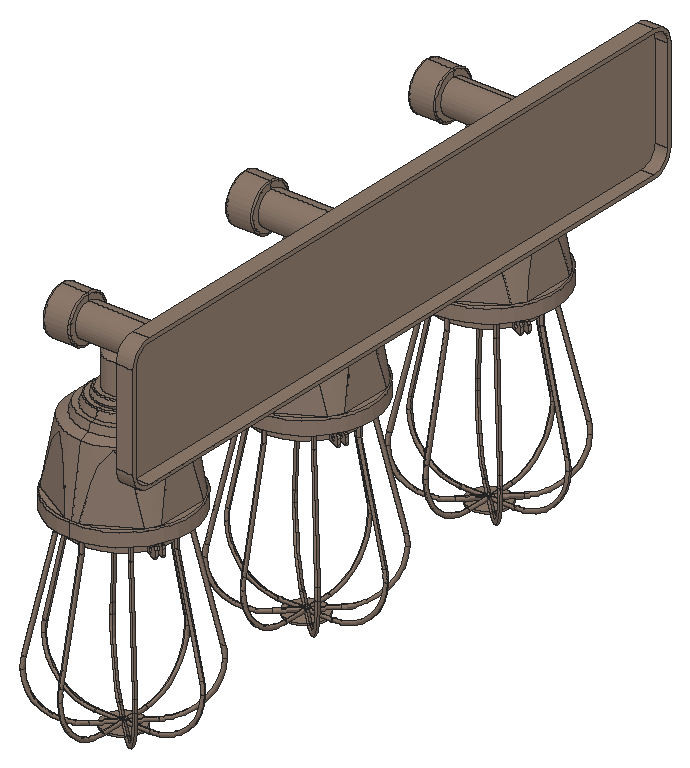
Revit family "VBUEGUP120-3", category Generic Models, Revit 2014
Parameters
  HUB = Bronze, Architectural
  GUP = Bronze, Architectural
  BAR = Bronze, Architectural
Reference planes (in)
  plane 1 "Center (Front/Back)": y = 0
  plane 2: z = 0
  plane 3 "Center (Left/Right)": x = 0
Forms (in)
  Revolve 1, solid, material "Bronze, Architectural" <- "BAR"
    sketch origin (3.5625, 0, 19.61016) x (1, 0, 0) y (0, 0, 1)
      loop
        line (-5.875, 2.5) -> (-5.5, 2.5) -> (-5.5, 2.8125) -> (-2.125, 2.8125) -> (-2.125, 2.75) -> (-0.75, 2.75) -> (-0.75, 3.025) -> (-1.5, 3.025) -> (-1.5, 3.2)
        arc (-1.5, 3.2) -> (-1.51464, 3.23536) -> (-1.55, 3.25) r 0.05
        line (-1.55, 3.25) -> (-2.075, 3.25)
        arc (-2.075, 3.25) -> (-2.11036, 3.23536) -> (-2.125, 3.2) r 0.05
        line (-2.125, 3.2) -> (-2.125, 3.125) -> (-4.875, 3.125) -> (-4.875, 3.325)
        arc (-4.875, 3.325) -> (-4.88964, 3.36036) -> (-4.925, 3.375) r 0.05
        line (-4.925, 3.375) -> (-5.825, 3.375)
        arc (-5.825, 3.375) -> (-5.86036, 3.36036) -> (-5.875, 3.325) r 0.05
        line (-5.875, 3.325) -> (-5.875, 2.5)
      axis (-5.875, 2.5) -> (-0.75, 2.5)
    angle from 0 to 360
  Revolve 2, solid, material "Bronze, Architectural" <- "BAR"
    sketch origin (3.5625, 0, 19.61016) x (1, 0, 0) y (0, 0, 1)
      loop
        line (-3.96581, 2.1875) -> (-4.2375, 1.875) -> (-4.2375, 0.75) -> (-4.43702, 0.75)
        arc (-4.43702, 0.75) -> (-4.45851, 0.74374) -> (-4.47327, 0.7269) r 0.04
        line (-4.47327, 0.7269) -> (-4.55254, 0.5569)
        arc (-4.55254, 0.5569) -> (-4.55003, 0.51851) -> (-4.51629, 0.5) r 0.04
        line (-4.51629, 0.5) -> (-4.1125, 0.5) -> (-4.1125, 1.25) -> (-3.7965, 1.25) -> (-3.7965, 2.1875) -> (-3.96581, 2.1875)
      axis (-3.5625, 0.5) -> (-3.5625, 2.1875)
    angle from 0 to 360
  Extrusion 3, void
    sketch origin (2.51563, -1.04688, 19.61016) x (0, -1, 0) y (0, 0, 1)
      loop
        circle (-1.04687, 2.5) r 0.525
    from -0.29688 to -0.17188
  Extrusion 4, solid, material "Bronze, Architectural" <- "BAR"
    sketch origin (4.51113, -18.42593, 19.61016) x (0, 1, 0) y (0, 0, 1)
      loop
        line (21.67593, 5) -> (-1.82407, 5)
        arc (-1.82407, 5) -> (-2.3544, 4.78033) -> (-2.57407, 4.25) r 0.75
        line (-2.57407, 4.25) -> (-2.57407, 0.75)
        arc (-2.57407, 0.75) -> (-2.3544, 0.21967) -> (-1.82407, 0) r 0.75
        line (-1.82407, 0) -> (21.67593, 0)
        arc (21.67593, 0) -> (22.20626, 0.21967) -> (22.42593, 0.75) r 0.75
        line (22.42593, 0.75) -> (22.42593, 4.25)
        arc (22.42593, 4.25) -> (22.20626, 4.78033) -> (21.67593, 5) r 0.75
    from -1.57363 to -0.94863
  Extrusion 5, solid, material "Bronze, Architectural" <- "BAR"
    sketch origin (4.51113, -18.42593, 19.61016) x (0, 1, 0) y (0, 0, 1)
      loop
        line (21.67593, 4.625) -> (-1.82407, 4.625)
        arc (-1.82407, 4.625) -> (-2.08923, 4.51517) -> (-2.19907, 4.25) r 0.375
        line (-2.19907, 4.25) -> (-2.19907, 0.75)
        arc (-2.19907, 0.75) -> (-2.08923, 0.48483) -> (-1.82407, 0.375) r 0.375
        line (-1.82407, 0.375) -> (21.67593, 0.375)
        arc (21.67593, 0.375) -> (21.9411, 0.48483) -> (22.05093, 0.75) r 0.375
        line (22.05093, 0.75) -> (22.05093, 4.25)
        arc (22.05093, 4.25) -> (21.9411, 4.51517) -> (21.67593, 4.625) r 0.375
    from -1.82363 to -1.57363
  Extrusion 6, void
    sketch origin (5.18061, -18.42593, 19.61016) x (0, 1, 0) y (0, 0, 1)
      loop
        line (21.67593, 4.875) -> (-1.82407, 4.875)
        arc (-1.82407, 4.875) -> (-2.26601, 4.69194) -> (-2.44907, 4.25) r 0.625
        line (-2.44907, 4.25) -> (-2.44907, 0.75)
        arc (-2.44907, 0.75) -> (-2.26601, 0.30806) -> (-1.82407, 0.125) r 0.625
        line (-1.82407, 0.125) -> (21.67593, 0.125)
        arc (21.67593, 0.125) -> (22.11787, 0.30806) -> (22.30093, 0.75) r 0.625
        line (22.30093, 0.75) -> (22.30093, 4.25)
        arc (22.30093, 4.25) -> (22.11787, 4.69194) -> (21.67593, 4.875) r 0.625
    from -2.11811 to -1.61811
  Extrusion 7, void
    sketch origin (5.18061, -18.42593, 19.61016) x (0, 1, 0) y (0, 0, 1)
      loop
        line (21.67593, 4.5) -> (-1.82407, 4.5)
        arc (-1.82407, 4.5) -> (-2.00085, 4.42678) -> (-2.07407, 4.25) r 0.25
        line (-2.07407, 4.25) -> (-2.07407, 0.75)
        arc (-2.07407, 0.75) -> (-2.00085, 0.57322) -> (-1.82407, 0.5) r 0.25
        line (-1.82407, 0.5) -> (21.67593, 0.5)
        arc (21.67593, 0.5) -> (21.85271, 0.57322) -> (21.92593, 0.75) r 0.25
        line (21.92593, 0.75) -> (21.92593, 4.25)
        arc (21.92593, 4.25) -> (21.85271, 4.42678) -> (21.67593, 4.5) r 0.25
    from -2.36811 to -2.11811
  Revolve 8, solid, material "Bronze, Architectural" <- "HUB"
    sketch origin (-0.0001, 11.70542, 9.46606) x (0, 1, 0) y (0, 0, 1)
      loop
        arc (-12.87041, 10.64404) -> (-12.89909, 10.63499) -> (-12.9174, 10.61114) r 0.05
        line (-12.9174, 10.61114) -> (-13.01461, 10.34404) -> (-13.21461, 10.34404) -> (-13.31652, 10.06404) -> (-13.6924, 9.92723) -> (-14.13025, 7.44404) -> (-14.16127, 7.44404)
        arc (-14.16127, 7.44404) -> (-14.1928, 7.42739) -> (-14.20542, 7.39404) r 0.05039
        line (-14.20542, 7.39404) -> (-14.20542, 6.89404) -> (-11.95542, 6.89404) -> (-11.95542, 10.64404) -> (-12.87041, 10.64404)
      axis (-11.70542, 10.64404) -> (-11.70542, 6.89404)
    angle from 0 to 360
  Extrusion 9, void
    sketch origin (11.70532, 0, 9.46606) x (1, 0, 0) y (0, 0, 1)
      loop
        line (-9.24957, 7.44404) -> (-9.24957, 10.19404) -> (-9.7364, 10.19404) -> (-9.4864, 7.44404) -> (-9.24957, 7.44404)
    from -1.03027 to 1.03705
  Extrusion 10, void
    sketch origin (-11.70552, 0.0024, 9.46606) x (-1, 0.000784, 0) y (0, 0, 1)
      loop
        line (-9.24957, 7.44404) -> (-9.24957, 10.19404) -> (-9.7364, 10.19404) -> (-9.4864, 7.44404) -> (-9.24957, 7.44404)
    from -1.03027 to 1.03705
  Extrusion 11, void
    sketch origin (5.85358, 10.13421, 9.46606) x (0.500262, 0.865874, 0) y (0, 0, 1)
      loop
        line (-9.24957, 7.44404) -> (-9.24957, 10.19404) -> (-9.7364, 10.19404) -> (-9.4864, 7.44404) -> (-9.24957, 7.44404)
    from -1.03027 to 1.03705
  Extrusion 12, void
    sketch origin (-5.86006, -10.13543, 9.46606) x (-0.500941, -0.865481, 0) y (0, 0, 1)
      loop
        line (-9.24957, 7.44404) -> (-9.24957, 10.19404) -> (-9.7364, 10.19404) -> (-9.4864, 7.44404) -> (-9.24957, 7.44404)
    from -1.03027 to 1.03705
  Extrusion 13, void
    sketch origin (-5.84999, 10.13882, 9.46606) x (-0.49958, 0.866268, 0) y (0, 0, 1)
      loop
        line (-9.24957, 7.44404) -> (-9.24957, 10.19404) -> (-9.7364, 10.19404) -> (-9.4864, 7.44404) -> (-9.24957, 7.44404)
    from -1.03027 to 1.03705
  Extrusion 14, void
    sketch origin (5.84351, -10.14244, 9.46606) x (0.4989, -0.866659, 0) y (0, 0, 1)
      loop
        line (-9.24957, 7.44404) -> (-9.24957, 10.19404) -> (-9.7364, 10.19404) -> (-9.4864, 7.44404) -> (-9.24957, 7.44404)
    from -1.03027 to 1.03705
  Revolve 15, solid, material "Bronze, Architectural" <- "GUP"
    sketch origin (-0.0001, 0, 9.0476) x (-1, 0, 0) y (0, 0, 1)
      loop
        line (0, 0) -> (0, 0.06) -> (-0.75, 0.06) -> (-0.75, 0) -> (0, 0)
      axis (0, 0.06) -> (0, 0)
    angle from 0 to 360
  Revolve 16, solid, material "Bronze, Architectural" <- "GUP"
    sketch origin (-0.0001, 0, 9.0476) x (-1, 0, 0) y (0, 0, 1)
      loop
        line (1.9725, 7.3125) -> (1.91, 7.3125) -> (1.91, 6.57538) -> (1.9725, 6.57538) -> (1.9725, 7.3125)
      axis (1.9725, 7.3125) -> (1.9725, 6.57538)
    angle from 0 to 360
  Revolve 17, solid, material "Bronze, Architectural" <- "GUP"
    sketch origin (-0.0001, 0, 9.0476) x (-1, 0, 0) y (0, 0, 1)
      loop
        line (2.85155, 2.4971) -> (2.91244, 2.51115) -> (1.9725, 6.5825) -> (1.91, 6.57538) -> (2.85155, 2.4971)
      axis (1.9709, 6.58944) -> (2.91244, 2.51115)
    angle from 0 to 360
  Sweep 18, solid, material "Bronze, Architectural" <- "GUP"
    path in 3D
      loop
        arc (-1.01252, 0, 9.1701) -> (-2.39138, 0, 9.74124) -> (-2.96252, 0, 11.1201) r 1.95
        arc (-2.96252, 0, 11.1201) -> (-2.94999, 0, 11.34084) -> (-2.91254, 0, 11.55875) r 1.95
    profile origin (-2.39138, 0, 9.74124) x (-0.707107, 0, -0.707107) y (0, -1, 0)
      loop
        circle (0, 0) r 0.0625
  Revolve 19, solid, material "Bronze, Architectural" <- "GUP"
    sketch origin (-0.0001, 0, 9.0476) x (-1, 0, 0) y (0, 0, 1)
      loop
        arc (0.13242, 0.185) -> (0.09204, 0.16587) -> (0.08128, 0.1225) r 0.05218
        line (0.08128, 0.1225) -> (1.01242, 0.1225) -> (1.01242, 0.185) -> (0.13242, 0.185)
      axis (1.01242, 0.1225) -> (0.08128, 0.1225)
    angle from 0 to 360
  Revolve 20, solid, material "Bronze, Architectural" <- "GUP"
    sketch origin (-0.0001, 0, 9.0476) x (1, 0, 0) y (0, 0, 1)
      loop
        line (1.9725, 7.3125) -> (1.91, 7.3125) -> (1.91, 6.57538) -> (1.9725, 6.57538) -> (1.9725, 7.3125)
      axis (1.9725, 7.3125) -> (1.9725, 6.57538)
    angle from 0 to 360
  Revolve 21, solid, material "Bronze, Architectural" <- "GUP"
    sketch origin (-0.0001, 0, 9.0476) x (1, 0, 0) y (0, 0, 1)
      loop
        line (2.85155, 2.4971) -> (2.91244, 2.51115) -> (1.9725, 6.5825) -> (1.91, 6.57538) -> (2.85155, 2.4971)
      axis (1.9709, 6.58944) -> (2.91244, 2.51115)
    angle from 0 to 360
  Sweep 22, solid, material "Bronze, Architectural" <- "GUP"
    path in 3D
      loop
        arc (1.01232, 0, 9.1701) -> (2.39118, 0, 9.74124) -> (2.96232, 0, 11.1201) r 1.95
        arc (2.96232, 0, 11.1201) -> (2.94979, 0, 11.34084) -> (2.91234, 0, 11.55875) r 1.95
    profile origin (2.39118, 0, 9.74124) x (-0.707107, 0, 0.707107) y (0, -1, 0)
      loop
        circle (0, 0) r 0.0625
  Revolve 23, solid, material "Bronze, Architectural" <- "GUP"
    sketch origin (-0.0001, 0, 9.0476) x (1, 0, 0) y (0, 0, 1)
      loop
        arc (0.13242, 0.185) -> (0.09204, 0.16587) -> (0.08128, 0.1225) r 0.05218
        line (0.08128, 0.1225) -> (1.01242, 0.1225) -> (1.01242, 0.185) -> (0.13242, 0.185)
      axis (1.01242, 0.1225) -> (0.08128, 0.1225)
    angle from 0 to 360
  Revolve 24, solid, material "Bronze, Architectural" <- "GUP"
    sketch origin (-0.0001, 0, 9.0476) x (-0.707107, -0.707107, 0) y (0, 0, 1)
      loop
        line (1.9725, 7.3125) -> (1.91, 7.3125) -> (1.91, 6.57538) -> (1.9725, 6.57538) -> (1.9725, 7.3125)
      axis (1.9725, 7.3125) -> (1.9725, 6.57538)
    angle from 0 to 360
  Revolve 25, solid, material "Bronze, Architectural" <- "GUP"
    sketch origin (-0.0001, 0, 9.0476) x (-0.707107, -0.707107, 0) y (0, 0, 1)
      loop
        line (2.85155, 2.4971) -> (2.91244, 2.51115) -> (1.9725, 6.5825) -> (1.91, 6.57538) -> (2.85155, 2.4971)
      axis (1.9709, 6.58944) -> (2.91244, 2.51115)
    angle from 0 to 360
  Sweep 26, solid, material "Bronze, Architectural" <- "GUP"
    path in 3D
      loop
        arc (-0.71599, -0.71589, 9.1701) -> (-1.69099, -1.69089, 9.74124) -> (-2.09485, -2.09475, 11.1201) r 1.95
        arc (-2.09485, -2.09475, 11.1201) -> (-2.08599, -2.08589, 11.34084) -> (-2.05951, -2.05941, 11.55875) r 1.95
    profile origin (-1.69099, -1.69089, 9.74124) x (-0.5, -0.5, -0.707107) y (0.707107, -0.707107, 0)
      loop
        circle (0, 0) r 0.0625
  Revolve 27, solid, material "Bronze, Architectural" <- "GUP"
    sketch origin (-0.0001, 0, 9.0476) x (-0.707107, -0.707107, 0) y (0, 0, 1)
      loop
        arc (0.13242, 0.185) -> (0.09204, 0.16587) -> (0.08128, 0.1225) r 0.05218
        line (0.08128, 0.1225) -> (1.01242, 0.1225) -> (1.01242, 0.185) -> (0.13242, 0.185)
      axis (1.01242, 0.1225) -> (0.08128, 0.1225)
    angle from 0 to 360
  Revolve 28, solid, material "Bronze, Architectural" <- "GUP"
    sketch origin (-0.0001, 0, 9.0476) x (0.707107, 0.707107, 0) y (0, 0, 1)
      loop
        line (1.9725, 7.3125) -> (1.91, 7.3125) -> (1.91, 6.57538) -> (1.9725, 6.57538) -> (1.9725, 7.3125)
      axis (1.9725, 7.3125) -> (1.9725, 6.57538)
    angle from 0 to 360
  Revolve 29, solid, material "Bronze, Architectural" <- "GUP"
    sketch origin (-0.0001, 0, 9.0476) x (0.707107, 0.707107, 0) y (0, 0, 1)
      loop
        line (2.85155, 2.4971) -> (2.91244, 2.51115) -> (1.9725, 6.5825) -> (1.91, 6.57538) -> (2.85155, 2.4971)
      axis (1.9709, 6.58944) -> (2.91244, 2.51115)
    angle from 0 to 360
  Sweep 30, solid, material "Bronze, Architectural" <- "GUP"
    path in 3D
      loop
        arc (0.71579, 0.71589, 9.1701) -> (1.69079, 1.69089, 9.74124) -> (2.09465, 2.09475, 11.1201) r 1.95
        arc (2.09465, 2.09475, 11.1201) -> (2.08579, 2.08589, 11.34084) -> (2.05931, 2.05941, 11.55875) r 1.95
    profile origin (1.69079, 1.69089, 9.74124) x (-0.5, -0.5, 0.707107) y (0.707107, -0.707107, 0)
      loop
        circle (0, 0) r 0.0625
  Revolve 31, solid, material "Bronze, Architectural" <- "GUP"
    sketch origin (-0.0001, 0, 9.0476) x (0.707107, 0.707107, 0) y (0, 0, 1)
      loop
        arc (0.13242, 0.185) -> (0.09204, 0.16587) -> (0.08128, 0.1225) r 0.05218
        line (0.08128, 0.1225) -> (1.01242, 0.1225) -> (1.01242, 0.185) -> (0.13242, 0.185)
      axis (1.01242, 0.1225) -> (0.08128, 0.1225)
    angle from 0 to 360
  Revolve 32, solid, material "Bronze, Architectural" <- "GUP"
    sketch origin (-0.0001, 0, 9.0476) x (0, -1, 0) y (0, 0, 1)
      loop
        line (1.9725, 7.3125) -> (1.91, 7.3125) -> (1.91, 6.57538) -> (1.9725, 6.57538) -> (1.9725, 7.3125)
      axis (1.9725, 7.3125) -> (1.9725, 6.57538)
    angle from 0 to 360
  Revolve 33, solid, material "Bronze, Architectural" <- "GUP"
    sketch origin (-0.0001, 0, 9.0476) x (0, -1, 0) y (0, 0, 1)
      loop
        line (2.85155, 2.4971) -> (2.91244, 2.51115) -> (1.9725, 6.5825) -> (1.91, 6.57538) -> (2.85155, 2.4971)
      axis (1.9709, 6.58944) -> (2.91244, 2.51115)
    angle from 0 to 360
  Sweep 34, solid, material "Bronze, Architectural" <- "GUP"
    path in 3D
      loop
        arc (-0.0001, -1.01242, 9.1701) -> (-0.0001, -2.39128, 9.74124) -> (-0.0001, -2.96242, 11.1201) r 1.95
        arc (-0.0001, -2.96242, 11.1201) -> (-0.0001, -2.94989, 11.34084) -> (-0.0001, -2.91244, 11.55875) r 1.95
    profile origin (-0.0001, -2.39128, 9.74124) x (0, -0.707107, -0.707107) y (1, 0, 0)
      loop
        circle (0, 0) r 0.0625
  Revolve 35, solid, material "Bronze, Architectural" <- "GUP"
    sketch origin (-0.0001, 0, 9.0476) x (0, -1, 0) y (0, 0, 1)
      loop
        arc (0.13242, 0.185) -> (0.09204, 0.16587) -> (0.08128, 0.1225) r 0.05218
        line (0.08128, 0.1225) -> (1.01242, 0.1225) -> (1.01242, 0.185) -> (0.13242, 0.185)
      axis (1.01242, 0.1225) -> (0.08128, 0.1225)
    angle from 0 to 360
  Revolve 36, solid, material "Bronze, Architectural" <- "GUP"
    sketch origin (-0.0001, 0, 9.0476) x (0, 1, 0) y (0, 0, 1)
      loop
        line (1.9725, 7.3125) -> (1.91, 7.3125) -> (1.91, 6.57538) -> (1.9725, 6.57538) -> (1.9725, 7.3125)
      axis (1.9725, 7.3125) -> (1.9725, 6.57538)
    angle from 0 to 360
  Revolve 37, solid, material "Bronze, Architectural" <- "GUP"
    sketch origin (-0.0001, 0, 9.0476) x (0, 1, 0) y (0, 0, 1)
      loop
        line (2.85155, 2.4971) -> (2.91244, 2.51115) -> (1.9725, 6.5825) -> (1.91, 6.57538) -> (2.85155, 2.4971)
      axis (1.9709, 6.58944) -> (2.91244, 2.51115)
    angle from 0 to 360
  Sweep 38, solid, material "Bronze, Architectural" <- "GUP"
    path in 3D
      loop
        arc (-0.0001, 1.01242, 9.1701) -> (-0.0001, 2.39128, 9.74124) -> (-0.0001, 2.96242, 11.1201) r 1.95
        arc (-0.0001, 2.96242, 11.1201) -> (-0.0001, 2.94989, 11.34084) -> (-0.0001, 2.91244, 11.55875) r 1.95
    profile origin (-0.0001, 2.39128, 9.74124) x (0, -0.707107, 0.707107) y (1, 0, 0)
      loop
        circle (0, 0) r 0.0625
  Revolve 39, solid, material "Bronze, Architectural" <- "GUP"
    sketch origin (-0.0001, 0, 9.0476) x (0, 1, 0) y (0, 0, 1)
      loop
        arc (0.13242, 0.185) -> (0.09204, 0.16587) -> (0.08128, 0.1225) r 0.05218
        line (0.08128, 0.1225) -> (1.01242, 0.1225) -> (1.01242, 0.185) -> (0.13242, 0.185)
      axis (1.01242, 0.1225) -> (0.08128, 0.1225)
    angle from 0 to 360
  Revolve 40, solid, material "Bronze, Architectural" <- "GUP"
    sketch origin (-0.0001, 0, 9.0476) x (0.707107, -0.707107, 0) y (0, 0, 1)
      loop
        line (1.9725, 7.3125) -> (1.91, 7.3125) -> (1.91, 6.57538) -> (1.9725, 6.57538) -> (1.9725, 7.3125)
      axis (1.9725, 7.3125) -> (1.9725, 6.57538)
    angle from 0 to 360
  Revolve 41, solid, material "Bronze, Architectural" <- "GUP"
    sketch origin (-0.0001, 0, 9.0476) x (0.707107, -0.707107, 0) y (0, 0, 1)
      loop
        line (2.85155, 2.4971) -> (2.91244, 2.51115) -> (1.9725, 6.5825) -> (1.91, 6.57538) -> (2.85155, 2.4971)
      axis (1.9709, 6.58944) -> (2.91244, 2.51115)
    angle from 0 to 360
  Sweep 42, solid, material "Bronze, Architectural" <- "GUP"
    path in 3D
      loop
        arc (0.71579, -0.71589, 9.1701) -> (1.69079, -1.69089, 9.74124) -> (2.09465, -2.09475, 11.1201) r 1.95
        arc (2.09465, -2.09475, 11.1201) -> (2.08579, -2.08589, 11.34084) -> (2.05931, -2.05941, 11.55875) r 1.95
    profile origin (1.69079, -1.69089, 9.74124) x (-0.5, 0.5, 0.707107) y (-0.707107, -0.707107, 0)
      loop
        circle (0, 0) r 0.0625
  Revolve 43, solid, material "Bronze, Architectural" <- "GUP"
    sketch origin (-0.0001, 0, 9.0476) x (0.707107, -0.707107, 0) y (0, 0, 1)
      loop
        arc (0.13242, 0.185) -> (0.09204, 0.16587) -> (0.08128, 0.1225) r 0.05218
        line (0.08128, 0.1225) -> (1.01242, 0.1225) -> (1.01242, 0.185) -> (0.13242, 0.185)
      axis (1.01242, 0.1225) -> (0.08128, 0.1225)
    angle from 0 to 360
  Revolve 44, solid, material "Bronze, Architectural" <- "GUP"
    sketch origin (-0.0001, 0, 9.0476) x (-0.707107, 0.707107, 0) y (0, 0, 1)
      loop
        line (1.9725, 7.3125) -> (1.91, 7.3125) -> (1.91, 6.57538) -> (1.9725, 6.57538) -> (1.9725, 7.3125)
      axis (1.9725, 7.3125) -> (1.9725, 6.57538)
    angle from 0 to 360
  Revolve 45, solid, material "Bronze, Architectural" <- "GUP"
    sketch origin (-0.0001, 0, 9.0476) x (-0.707107, 0.707107, 0) y (0, 0, 1)
      loop
        line (2.85155, 2.4971) -> (2.91244, 2.51115) -> (1.9725, 6.5825) -> (1.91, 6.57538) -> (2.85155, 2.4971)
      axis (1.9709, 6.58944) -> (2.91244, 2.51115)
    angle from 0 to 360
  Sweep 46, solid, material "Bronze, Architectural" <- "GUP"
    path in 3D
      loop
        arc (-0.71599, 0.71589, 9.1701) -> (-1.69099, 1.69089, 9.74124) -> (-2.09485, 2.09475, 11.1201) r 1.95
        arc (-2.09485, 2.09475, 11.1201) -> (-2.08599, 2.08589, 11.34084) -> (-2.05951, 2.05941, 11.55875) r 1.95
    profile origin (-1.69099, 1.69089, 9.74124) x (-0.5, 0.5, -0.707107) y (-0.707107, -0.707107, 0)
      loop
        circle (0, 0) r 0.0625
  Revolve 47, solid, material "Bronze, Architectural" <- "GUP"
    sketch origin (-0.0001, 0, 9.0476) x (-0.707107, 0.707107, 0) y (0, 0, 1)
      loop
        arc (0.13242, 0.185) -> (0.09204, 0.16587) -> (0.08128, 0.1225) r 0.05218
        line (0.08128, 0.1225) -> (1.01242, 0.1225) -> (1.01242, 0.185) -> (0.13242, 0.185)
      axis (1.01242, 0.1225) -> (0.08128, 0.1225)
    angle from 0 to 360
  Revolve 48, solid, material "Bronze, Architectural" <- "GUP"
    sketch origin (-0.0001, 0, 9.0476) x (-1, 0, 0) y (0, 0, 1)
      loop
        line (1.91, 7.1825) -> (1.8475, 7.1825) -> (1.8475, 6.7925) -> (1.91, 6.7925) -> (1.91, 7.1825)
      axis (0, 7.1825) -> (0, 6.7925)
    angle from 0 to 360
  Extrusion 49, solid, material "Bronze, Architectural" <- "GUP"
    sketch origin (-0.0001, 0, 9.0476) x (-0.898794, 0.438371, 0) y (0, 0, 1)
      loop
        line (-1.89181, 7.1825) -> (-2.40685, 7.1825)
        arc (-2.40685, 7.1825) -> (-2.46603, 7.15377) -> (-2.49, 7.0925) r 0.09028
        line (-2.49, 7.0925) -> (-2.49, 6.8825)
        arc (-2.49, 6.8825) -> (-2.46603, 6.82123) -> (-2.40685, 6.7925) r 0.09028
        line (-2.40685, 6.7925) -> (-1.89181, 6.7925) -> (-1.89181, 7.1825)
      loop
        circle (-2.18511, 6.9875) r 0.09402
    from -0.15572 to -0.09322
  Extrusion 50, solid, material "Bronze, Architectural" <- "GUP"
    sketch origin (-0.0001, 0, 9.0476) x (-0.898794, 0.438371, 0) y (0, 0, -1)
      loop
        line (-1.89181, -7.1825) -> (-1.89181, -6.7925) -> (-2.40685, -6.7925)
        arc (-2.40685, -6.7925) -> (-2.46603, -6.82123) -> (-2.49, -6.8825) r 0.09028
        line (-2.49, -6.8825) -> (-2.49, -7.0925)
        arc (-2.49, -7.0925) -> (-2.46603, -7.15377) -> (-2.40685, -7.1825) r 0.09028
        line (-2.40685, -7.1825) -> (-1.89181, -7.1825)
      loop
        circle (-2.18511, -6.9875) r 0.09402
    from -0.15572 to -0.09322
  Revolve 51, solid, material "Bronze, Architectural" <- "BAR"
    sketch origin (3.5625, -17, 19.61016) x (1, 0, 0) y (0, 0, 1)
      loop
        line (-5.875, 2.5) -> (-5.5, 2.5) -> (-5.5, 2.8125) -> (-2.125, 2.8125) -> (-2.125, 2.75) -> (-0.75, 2.75) -> (-0.75, 3.025) -> (-1.5, 3.025) -> (-1.5, 3.2)
        arc (-1.5, 3.2) -> (-1.51464, 3.23536) -> (-1.55, 3.25) r 0.05
        line (-1.55, 3.25) -> (-2.075, 3.25)
        arc (-2.075, 3.25) -> (-2.11036, 3.23536) -> (-2.125, 3.2) r 0.05
        line (-2.125, 3.2) -> (-2.125, 3.125) -> (-4.875, 3.125) -> (-4.875, 3.325)
        arc (-4.875, 3.325) -> (-4.88964, 3.36036) -> (-4.925, 3.375) r 0.05
        line (-4.925, 3.375) -> (-5.825, 3.375)
        arc (-5.825, 3.375) -> (-5.86036, 3.36036) -> (-5.875, 3.325) r 0.05
        line (-5.875, 3.325) -> (-5.875, 2.5)
      axis (-5.875, 2.5) -> (-0.75, 2.5)
    angle from 0 to 360
  Revolve 52, solid, material "Bronze, Architectural" <- "BAR"
    sketch origin (3.5625, -17, 19.61016) x (1, 0, 0) y (0, 0, 1)
      loop
        line (-3.96581, 2.1875) -> (-4.2375, 1.875) -> (-4.2375, 0.75) -> (-4.43702, 0.75)
        arc (-4.43702, 0.75) -> (-4.45851, 0.74374) -> (-4.47327, 0.7269) r 0.04
        line (-4.47327, 0.7269) -> (-4.55254, 0.5569)
        arc (-4.55254, 0.5569) -> (-4.55003, 0.51851) -> (-4.51629, 0.5) r 0.04
        line (-4.51629, 0.5) -> (-4.1125, 0.5) -> (-4.1125, 1.25) -> (-3.7965, 1.25) -> (-3.7965, 2.1875) -> (-3.96581, 2.1875)
      axis (-3.5625, 0.5) -> (-3.5625, 2.1875)
    angle from 0 to 360
  Revolve 53, solid, material "Bronze, Architectural" <- "HUB"
    sketch origin (-0.0001, -5.29458, 9.46606) x (0, 1, 0) y (0, 0, 1)
      loop
        arc (-12.87041, 10.64404) -> (-12.89909, 10.63499) -> (-12.9174, 10.61114) r 0.05
        line (-12.9174, 10.61114) -> (-13.01461, 10.34404) -> (-13.21461, 10.34404) -> (-13.31652, 10.06404) -> (-13.6924, 9.92723) -> (-14.13025, 7.44404) -> (-14.16127, 7.44404)
        arc (-14.16127, 7.44404) -> (-14.1928, 7.42739) -> (-14.20542, 7.39404) r 0.05039
        line (-14.20542, 7.39404) -> (-14.20542, 6.89404) -> (-11.95542, 6.89404) -> (-11.95542, 10.64404) -> (-12.87041, 10.64404)
      axis (-11.70542, 10.64404) -> (-11.70542, 6.89404)
    angle from 0 to 360
  Extrusion 54, void
    sketch origin (11.70532, -17, 9.46606) x (1, 0, 0) y (0, 0, 1)
      loop
        line (-9.24957, 7.44404) -> (-9.24957, 10.19404) -> (-9.7364, 10.19404) -> (-9.4864, 7.44404) -> (-9.24957, 7.44404)
    from -1.03027 to 1.03705
  Extrusion 55, void
    sketch origin (-11.70552, -16.9976, 9.46606) x (-1, 0.000784, 0) y (0, 0, 1)
      loop
        line (-9.24957, 7.44404) -> (-9.24957, 10.19404) -> (-9.7364, 10.19404) -> (-9.4864, 7.44404) -> (-9.24957, 7.44404)
    from -1.03027 to 1.03705
  Extrusion 56, void
    sketch origin (5.85358, -6.86579, 9.46606) x (0.500262, 0.865874, 0) y (0, 0, 1)
      loop
        line (-9.24957, 7.44404) -> (-9.24957, 10.19404) -> (-9.7364, 10.19404) -> (-9.4864, 7.44404) -> (-9.24957, 7.44404)
    from -1.03027 to 1.03705
  Extrusion 57, void
    sketch origin (-5.86006, -27.13543, 9.46606) x (-0.500941, -0.865481, 0) y (0, 0, 1)
      loop
        line (-9.24957, 7.44404) -> (-9.24957, 10.19404) -> (-9.7364, 10.19404) -> (-9.4864, 7.44404) -> (-9.24957, 7.44404)
    from -1.03027 to 1.03705
  Extrusion 58, void
    sketch origin (-5.84999, -6.86118, 9.46606) x (-0.49958, 0.866268, 0) y (0, 0, 1)
      loop
        line (-9.24957, 7.44404) -> (-9.24957, 10.19404) -> (-9.7364, 10.19404) -> (-9.4864, 7.44404) -> (-9.24957, 7.44404)
    from -1.03027 to 1.03705
  Extrusion 59, void
    sketch origin (5.84351, -27.14244, 9.46606) x (0.4989, -0.866659, 0) y (0, 0, 1)
      loop
        line (-9.24957, 7.44404) -> (-9.24957, 10.19404) -> (-9.7364, 10.19404) -> (-9.4864, 7.44404) -> (-9.24957, 7.44404)
    from -1.03027 to 1.03705
  Revolve 60, solid, material "Bronze, Architectural" <- "GUP"
    sketch origin (-0.0001, -17, 9.0476) x (-1, 0, 0) y (0, 0, 1)
      loop
        line (0, 0) -> (0, 0.06) -> (-0.75, 0.06) -> (-0.75, 0) -> (0, 0)
      axis (0, 0.06) -> (0, 0)
    angle from 0 to 360
  Revolve 61, solid, material "Bronze, Architectural" <- "GUP"
    sketch origin (-0.0001, -17, 9.0476) x (-1, 0, 0) y (0, 0, 1)
      loop
        line (1.9725, 7.3125) -> (1.91, 7.3125) -> (1.91, 6.57538) -> (1.9725, 6.57538) -> (1.9725, 7.3125)
      axis (1.9725, 7.3125) -> (1.9725, 6.57538)
    angle from 0 to 360
  Revolve 62, solid, material "Bronze, Architectural" <- "GUP"
    sketch origin (-0.0001, -17, 9.0476) x (-1, 0, 0) y (0, 0, 1)
      loop
        line (2.85155, 2.4971) -> (2.91244, 2.51115) -> (1.9725, 6.5825) -> (1.91, 6.57538) -> (2.85155, 2.4971)
      axis (1.9709, 6.58944) -> (2.91244, 2.51115)
    angle from 0 to 360
  Sweep 63, solid, material "Bronze, Architectural" <- "GUP"
    path in 3D
      loop
        arc (-1.01252, -17, 9.1701) -> (-2.39138, -17, 9.74124) -> (-2.96252, -17, 11.1201) r 1.95
        arc (-2.96252, -17, 11.1201) -> (-2.94999, -17, 11.34084) -> (-2.91254, -17, 11.55875) r 1.95
    profile origin (-2.39138, -17, 9.74124) x (-0.707107, 0, -0.707107) y (0, -1, 0)
      loop
        circle (0, 0) r 0.0625
  Revolve 64, solid, material "Bronze, Architectural" <- "GUP"
    sketch origin (-0.0001, -17, 9.0476) x (-1, 0, 0) y (0, 0, 1)
      loop
        arc (0.13242, 0.185) -> (0.09204, 0.16587) -> (0.08128, 0.1225) r 0.05218
        line (0.08128, 0.1225) -> (1.01242, 0.1225) -> (1.01242, 0.185) -> (0.13242, 0.185)
      axis (1.01242, 0.1225) -> (0.08128, 0.1225)
    angle from 0 to 360
  Revolve 65, solid, material "Bronze, Architectural" <- "GUP"
    sketch origin (-0.0001, -17, 9.0476) x (1, 0, 0) y (0, 0, 1)
      loop
        line (1.9725, 7.3125) -> (1.91, 7.3125) -> (1.91, 6.57538) -> (1.9725, 6.57538) -> (1.9725, 7.3125)
      axis (1.9725, 7.3125) -> (1.9725, 6.57538)
    angle from 0 to 360
  Revolve 66, solid, material "Bronze, Architectural" <- "GUP"
    sketch origin (-0.0001, -17, 9.0476) x (1, 0, 0) y (0, 0, 1)
      loop
        line (2.85155, 2.4971) -> (2.91244, 2.51115) -> (1.9725, 6.5825) -> (1.91, 6.57538) -> (2.85155, 2.4971)
      axis (1.9709, 6.58944) -> (2.91244, 2.51115)
    angle from 0 to 360
  Sweep 67, solid, material "Bronze, Architectural" <- "GUP"
    path in 3D
      loop
        arc (1.01232, -17, 9.1701) -> (2.39118, -17, 9.74124) -> (2.96232, -17, 11.1201) r 1.95
        arc (2.96232, -17, 11.1201) -> (2.94979, -17, 11.34084) -> (2.91234, -17, 11.55875) r 1.95
    profile origin (2.39118, -17, 9.74124) x (-0.707107, 0, 0.707107) y (0, -1, 0)
      loop
        circle (0, 0) r 0.0625
  Revolve 68, solid, material "Bronze, Architectural" <- "GUP"
    sketch origin (-0.0001, -17, 9.0476) x (1, 0, 0) y (0, 0, 1)
      loop
        arc (0.13242, 0.185) -> (0.09204, 0.16587) -> (0.08128, 0.1225) r 0.05218
        line (0.08128, 0.1225) -> (1.01242, 0.1225) -> (1.01242, 0.185) -> (0.13242, 0.185)
      axis (1.01242, 0.1225) -> (0.08128, 0.1225)
    angle from 0 to 360
  Revolve 69, solid, material "Bronze, Architectural" <- "GUP"
    sketch origin (-0.0001, -17, 9.0476) x (-0.707107, -0.707107, 0) y (0, 0, 1)
      loop
        line (1.9725, 7.3125) -> (1.91, 7.3125) -> (1.91, 6.57538) -> (1.9725, 6.57538) -> (1.9725, 7.3125)
      axis (1.9725, 7.3125) -> (1.9725, 6.57538)
    angle from 0 to 360
  Revolve 70, solid, material "Bronze, Architectural" <- "GUP"
    sketch origin (-0.0001, -17, 9.0476) x (-0.707107, -0.707107, 0) y (0, 0, 1)
      loop
        line (2.85155, 2.4971) -> (2.91244, 2.51115) -> (1.9725, 6.5825) -> (1.91, 6.57538) -> (2.85155, 2.4971)
      axis (1.9709, 6.58944) -> (2.91244, 2.51115)
    angle from 0 to 360
  Sweep 71, solid, material "Bronze, Architectural" <- "GUP"
    path in 3D
      loop
        arc (-0.71599, -17.71589, 9.1701) -> (-1.69099, -18.69089, 9.74124) -> (-2.09485, -19.09475, 11.1201) r 1.95
        arc (-2.09485, -19.09475, 11.1201) -> (-2.08599, -19.08589, 11.34084) -> (-2.05951, -19.05941, 11.55875) r 1.95
    profile origin (-1.69099, -18.69089, 9.74124) x (-0.5, -0.5, -0.707107) y (0.707107, -0.707107, 0)
      loop
        circle (0, 0) r 0.0625
  Revolve 72, solid, material "Bronze, Architectural" <- "GUP"
    sketch origin (-0.0001, -17, 9.0476) x (-0.707107, -0.707107, 0) y (0, 0, 1)
      loop
        arc (0.13242, 0.185) -> (0.09204, 0.16587) -> (0.08128, 0.1225) r 0.05218
        line (0.08128, 0.1225) -> (1.01242, 0.1225) -> (1.01242, 0.185) -> (0.13242, 0.185)
      axis (1.01242, 0.1225) -> (0.08128, 0.1225)
    angle from 0 to 360
  Revolve 73, solid, material "Bronze, Architectural" <- "GUP"
    sketch origin (-0.0001, -17, 9.0476) x (0.707107, 0.707107, 0) y (0, 0, 1)
      loop
        line (1.9725, 7.3125) -> (1.91, 7.3125) -> (1.91, 6.57538) -> (1.9725, 6.57538) -> (1.9725, 7.3125)
      axis (1.9725, 7.3125) -> (1.9725, 6.57538)
    angle from 0 to 360
  Revolve 74, solid, material "Bronze, Architectural" <- "GUP"
    sketch origin (-0.0001, -17, 9.0476) x (0.707107, 0.707107, 0) y (0, 0, 1)
      loop
        line (2.85155, 2.4971) -> (2.91244, 2.51115) -> (1.9725, 6.5825) -> (1.91, 6.57538) -> (2.85155, 2.4971)
      axis (1.9709, 6.58944) -> (2.91244, 2.51115)
    angle from 0 to 360
  Sweep 75, solid, material "Bronze, Architectural" <- "GUP"
    path in 3D
      loop
        arc (0.71579, -16.28411, 9.1701) -> (1.69079, -15.30911, 9.74124) -> (2.09465, -14.90525, 11.1201) r 1.95
        arc (2.09465, -14.90525, 11.1201) -> (2.08579, -14.91411, 11.34084) -> (2.05931, -14.94059, 11.55875) r 1.95
    profile origin (1.69079, -15.30911, 9.74124) x (-0.5, -0.5, 0.707107) y (0.707107, -0.707107, 0)
      loop
        circle (0, 0) r 0.0625
  Revolve 76, solid, material "Bronze, Architectural" <- "GUP"
    sketch origin (-0.0001, -17, 9.0476) x (0.707107, 0.707107, 0) y (0, 0, 1)
      loop
        arc (0.13242, 0.185) -> (0.09204, 0.16587) -> (0.08128, 0.1225) r 0.05218
        line (0.08128, 0.1225) -> (1.01242, 0.1225) -> (1.01242, 0.185) -> (0.13242, 0.185)
      axis (1.01242, 0.1225) -> (0.08128, 0.1225)
    angle from 0 to 360
  Revolve 77, solid, material "Bronze, Architectural" <- "GUP"
    sketch origin (-0.0001, -17, 9.0476) x (0, -1, 0) y (0, 0, 1)
      loop
        line (1.9725, 7.3125) -> (1.91, 7.3125) -> (1.91, 6.57538) -> (1.9725, 6.57538) -> (1.9725, 7.3125)
      axis (1.9725, 7.3125) -> (1.9725, 6.57538)
    angle from 0 to 360
  Revolve 78, solid, material "Bronze, Architectural" <- "GUP"
    sketch origin (-0.0001, -17, 9.0476) x (0, -1, 0) y (0, 0, 1)
      loop
        line (2.85155, 2.4971) -> (2.91244, 2.51115) -> (1.9725, 6.5825) -> (1.91, 6.57538) -> (2.85155, 2.4971)
      axis (1.9709, 6.58944) -> (2.91244, 2.51115)
    angle from 0 to 360
  Sweep 79, solid, material "Bronze, Architectural" <- "GUP"
    path in 3D
      loop
        arc (-0.0001, -18.01242, 9.1701) -> (-0.0001, -19.39128, 9.74124) -> (-0.0001, -19.96242, 11.1201) r 1.95
        arc (-0.0001, -19.96242, 11.1201) -> (-0.0001, -19.94989, 11.34084) -> (-0.0001, -19.91244, 11.55875) r 1.95
    profile origin (-0.0001, -19.39128, 9.74124) x (0, -0.707107, -0.707107) y (1, 0, 0)
      loop
        circle (0, 0) r 0.0625
  Revolve 80, solid, material "Bronze, Architectural" <- "GUP"
    sketch origin (-0.0001, -17, 9.0476) x (0, -1, 0) y (0, 0, 1)
      loop
        arc (0.13242, 0.185) -> (0.09204, 0.16587) -> (0.08128, 0.1225) r 0.05218
        line (0.08128, 0.1225) -> (1.01242, 0.1225) -> (1.01242, 0.185) -> (0.13242, 0.185)
      axis (1.01242, 0.1225) -> (0.08128, 0.1225)
    angle from 0 to 360
  Revolve 81, solid, material "Bronze, Architectural" <- "GUP"
    sketch origin (-0.0001, -17, 9.0476) x (0, 1, 0) y (0, 0, 1)
      loop
        line (1.9725, 7.3125) -> (1.91, 7.3125) -> (1.91, 6.57538) -> (1.9725, 6.57538) -> (1.9725, 7.3125)
      axis (1.9725, 7.3125) -> (1.9725, 6.57538)
    angle from 0 to 360
  Revolve 82, solid, material "Bronze, Architectural" <- "GUP"
    sketch origin (-0.0001, -17, 9.0476) x (0, 1, 0) y (0, 0, 1)
      loop
        line (2.85155, 2.4971) -> (2.91244, 2.51115) -> (1.9725, 6.5825) -> (1.91, 6.57538) -> (2.85155, 2.4971)
      axis (1.9709, 6.58944) -> (2.91244, 2.51115)
    angle from 0 to 360
  Sweep 83, solid, material "Bronze, Architectural" <- "GUP"
    path in 3D
      loop
        arc (-0.0001, -15.98758, 9.1701) -> (-0.0001, -14.60872, 9.74124) -> (-0.0001, -14.03758, 11.1201) r 1.95
        arc (-0.0001, -14.03758, 11.1201) -> (-0.0001, -14.05011, 11.34084) -> (-0.0001, -14.08756, 11.55875) r 1.95
    profile origin (-0.0001, -14.60872, 9.74124) x (0, -0.707107, 0.707107) y (1, 0, 0)
      loop
        circle (0, 0) r 0.0625
  Revolve 84, solid, material "Bronze, Architectural" <- "GUP"
    sketch origin (-0.0001, -17, 9.0476) x (0, 1, 0) y (0, 0, 1)
      loop
        arc (0.13242, 0.185) -> (0.09204, 0.16587) -> (0.08128, 0.1225) r 0.05218
        line (0.08128, 0.1225) -> (1.01242, 0.1225) -> (1.01242, 0.185) -> (0.13242, 0.185)
      axis (1.01242, 0.1225) -> (0.08128, 0.1225)
    angle from 0 to 360
  Revolve 85, solid, material "Bronze, Architectural" <- "GUP"
    sketch origin (-0.0001, -17, 9.0476) x (0.707107, -0.707107, 0) y (0, 0, 1)
      loop
        line (1.9725, 7.3125) -> (1.91, 7.3125) -> (1.91, 6.57538) -> (1.9725, 6.57538) -> (1.9725, 7.3125)
      axis (1.9725, 7.3125) -> (1.9725, 6.57538)
    angle from 0 to 360
  Revolve 86, solid, material "Bronze, Architectural" <- "GUP"
    sketch origin (-0.0001, -17, 9.0476) x (0.707107, -0.707107, 0) y (0, 0, 1)
      loop
        line (2.85155, 2.4971) -> (2.91244, 2.51115) -> (1.9725, 6.5825) -> (1.91, 6.57538) -> (2.85155, 2.4971)
      axis (1.9709, 6.58944) -> (2.91244, 2.51115)
    angle from 0 to 360
  Sweep 87, solid, material "Bronze, Architectural" <- "GUP"
    path in 3D
      loop
        arc (0.71579, -17.71589, 9.1701) -> (1.69079, -18.69089, 9.74124) -> (2.09465, -19.09475, 11.1201) r 1.95
        arc (2.09465, -19.09475, 11.1201) -> (2.08579, -19.08589, 11.34084) -> (2.05931, -19.05941, 11.55875) r 1.95
    profile origin (1.69079, -18.69089, 9.74124) x (-0.5, 0.5, 0.707107) y (-0.707107, -0.707107, 0)
      loop
        circle (0, 0) r 0.0625
  Revolve 88, solid, material "Bronze, Architectural" <- "GUP"
    sketch origin (-0.0001, -17, 9.0476) x (0.707107, -0.707107, 0) y (0, 0, 1)
      loop
        arc (0.13242, 0.185) -> (0.09204, 0.16587) -> (0.08128, 0.1225) r 0.05218
        line (0.08128, 0.1225) -> (1.01242, 0.1225) -> (1.01242, 0.185) -> (0.13242, 0.185)
      axis (1.01242, 0.1225) -> (0.08128, 0.1225)
    angle from 0 to 360
  Revolve 89, solid, material "Bronze, Architectural" <- "GUP"
    sketch origin (-0.0001, -17, 9.0476) x (-0.707107, 0.707107, 0) y (0, 0, 1)
      loop
        line (1.9725, 7.3125) -> (1.91, 7.3125) -> (1.91, 6.57538) -> (1.9725, 6.57538) -> (1.9725, 7.3125)
      axis (1.9725, 7.3125) -> (1.9725, 6.57538)
    angle from 0 to 360
  Revolve 90, solid, material "Bronze, Architectural" <- "GUP"
    sketch origin (-0.0001, -17, 9.0476) x (-0.707107, 0.707107, 0) y (0, 0, 1)
      loop
        line (2.85155, 2.4971) -> (2.91244, 2.51115) -> (1.9725, 6.5825) -> (1.91, 6.57538) -> (2.85155, 2.4971)
      axis (1.9709, 6.58944) -> (2.91244, 2.51115)
    angle from 0 to 360
  Sweep 91, solid, material "Bronze, Architectural" <- "GUP"
    path in 3D
      loop
        arc (-0.71599, -16.28411, 9.1701) -> (-1.69099, -15.30911, 9.74124) -> (-2.09485, -14.90525, 11.1201) r 1.95
        arc (-2.09485, -14.90525, 11.1201) -> (-2.08599, -14.91411, 11.34084) -> (-2.05951, -14.94059, 11.55875) r 1.95
    profile origin (-1.69099, -15.30911, 9.74124) x (-0.5, 0.5, -0.707107) y (-0.707107, -0.707107, 0)
      loop
        circle (0, 0) r 0.0625
  Revolve 92, solid, material "Bronze, Architectural" <- "GUP"
    sketch origin (-0.0001, -17, 9.0476) x (-0.707107, 0.707107, 0) y (0, 0, 1)
      loop
        arc (0.13242, 0.185) -> (0.09204, 0.16587) -> (0.08128, 0.1225) r 0.05218
        line (0.08128, 0.1225) -> (1.01242, 0.1225) -> (1.01242, 0.185) -> (0.13242, 0.185)
      axis (1.01242, 0.1225) -> (0.08128, 0.1225)
    angle from 0 to 360
  Revolve 93, solid, material "Bronze, Architectural" <- "GUP"
    sketch origin (-0.0001, -17, 9.0476) x (-1, 0, 0) y (0, 0, 1)
      loop
        line (1.91, 7.1825) -> (1.8475, 7.1825) -> (1.8475, 6.7925) -> (1.91, 6.7925) -> (1.91, 7.1825)
      axis (0, 7.1825) -> (0, 6.7925)
    angle from 0 to 360
  Extrusion 94, solid, material "Bronze, Architectural" <- "GUP"
    sketch origin (-0.0001, -17, 9.0476) x (-0.898794, 0.438371, 0) y (0, 0, 1)
      loop
        line (-1.89181, 7.1825) -> (-2.40685, 7.1825)
        arc (-2.40685, 7.1825) -> (-2.46603, 7.15377) -> (-2.49, 7.0925) r 0.09028
        line (-2.49, 7.0925) -> (-2.49, 6.8825)
        arc (-2.49, 6.8825) -> (-2.46603, 6.82123) -> (-2.40685, 6.7925) r 0.09028
        line (-2.40685, 6.7925) -> (-1.89181, 6.7925) -> (-1.89181, 7.1825)
      loop
        circle (-2.18511, 6.9875) r 0.09402
    from -0.15572 to -0.09322
  Extrusion 95, solid, material "Bronze, Architectural" <- "GUP"
    sketch origin (-0.0001, -17, 9.0476) x (-0.898794, 0.438371, 0) y (0, 0, -1)
      loop
        line (-1.89181, -7.1825) -> (-1.89181, -6.7925) -> (-2.40685, -6.7925)
        arc (-2.40685, -6.7925) -> (-2.46603, -6.82123) -> (-2.49, -6.8825) r 0.09028
        line (-2.49, -6.8825) -> (-2.49, -7.0925)
        arc (-2.49, -7.0925) -> (-2.46603, -7.15377) -> (-2.40685, -7.1825) r 0.09028
        line (-2.40685, -7.1825) -> (-1.89181, -7.1825)
      loop
        circle (-2.18511, -6.9875) r 0.09402
    from -0.15572 to -0.09322
  Revolve 96, solid, material "Bronze, Architectural" <- "BAR"
    sketch origin (3.5625, -8.5, 19.61016) x (1, 0, 0) y (0, 0, 1)
      loop
        line (-5.875, 2.5) -> (-5.5, 2.5) -> (-5.5, 2.8125) -> (-2.125, 2.8125) -> (-2.125, 2.75) -> (-0.75, 2.75) -> (-0.75, 3.025) -> (-1.5, 3.025) -> (-1.5, 3.2)
        arc (-1.5, 3.2) -> (-1.51464, 3.23536) -> (-1.55, 3.25) r 0.05
        line (-1.55, 3.25) -> (-2.075, 3.25)
        arc (-2.075, 3.25) -> (-2.11036, 3.23536) -> (-2.125, 3.2) r 0.05
        line (-2.125, 3.2) -> (-2.125, 3.125) -> (-4.875, 3.125) -> (-4.875, 3.325)
        arc (-4.875, 3.325) -> (-4.88964, 3.36036) -> (-4.925, 3.375) r 0.05
        line (-4.925, 3.375) -> (-5.825, 3.375)
        arc (-5.825, 3.375) -> (-5.86036, 3.36036) -> (-5.875, 3.325) r 0.05
        line (-5.875, 3.325) -> (-5.875, 2.5)
      axis (-5.875, 2.5) -> (-0.75, 2.5)
    angle from 0 to 360
  Revolve 97, solid, material "Bronze, Architectural" <- "BAR"
    sketch origin (3.5625, -8.5, 19.61016) x (1, 0, 0) y (0, 0, 1)
      loop
        line (-3.96581, 2.1875) -> (-4.2375, 1.875) -> (-4.2375, 0.75) -> (-4.43702, 0.75)
        arc (-4.43702, 0.75) -> (-4.45851, 0.74374) -> (-4.47327, 0.7269) r 0.04
        line (-4.47327, 0.7269) -> (-4.55254, 0.5569)
        arc (-4.55254, 0.5569) -> (-4.55003, 0.51851) -> (-4.51629, 0.5) r 0.04
        line (-4.51629, 0.5) -> (-4.1125, 0.5) -> (-4.1125, 1.25) -> (-3.7965, 1.25) -> (-3.7965, 2.1875) -> (-3.96581, 2.1875)
      axis (-3.5625, 0.5) -> (-3.5625, 2.1875)
    angle from 0 to 360
  Extrusion 98, void
    sketch origin (2.51563, -9.54688, 19.61016) x (0, -1, 0) y (0, 0, 1)
      loop
        circle (-1.04687, 2.5) r 0.525
    from -0.29688 to -0.17188
  Revolve 99, solid, material "Bronze, Architectural" <- "HUB"
    sketch origin (-0.0001, 3.20542, 9.46606) x (0, 1, 0) y (0, 0, 1)
      loop
        arc (-12.87041, 10.64404) -> (-12.89909, 10.63499) -> (-12.9174, 10.61114) r 0.05
        line (-12.9174, 10.61114) -> (-13.01461, 10.34404) -> (-13.21461, 10.34404) -> (-13.31652, 10.06404) -> (-13.6924, 9.92723) -> (-14.13025, 7.44404) -> (-14.16127, 7.44404)
        arc (-14.16127, 7.44404) -> (-14.1928, 7.42739) -> (-14.20542, 7.39404) r 0.05039
        line (-14.20542, 7.39404) -> (-14.20542, 6.89404) -> (-11.95542, 6.89404) -> (-11.95542, 10.64404) -> (-12.87041, 10.64404)
      axis (-11.70542, 10.64404) -> (-11.70542, 6.89404)
    angle from 0 to 360
  Extrusion 100, void
    sketch origin (11.70532, -8.5, 9.46606) x (1, 0, 0) y (0, 0, 1)
      loop
        line (-9.24957, 7.44404) -> (-9.24957, 10.19404) -> (-9.7364, 10.19404) -> (-9.4864, 7.44404) -> (-9.24957, 7.44404)
    from -1.03027 to 1.03705
  Extrusion 101, void
    sketch origin (-11.70552, -8.4976, 9.46606) x (-1, 0.000784, 0) y (0, 0, 1)
      loop
        line (-9.24957, 7.44404) -> (-9.24957, 10.19404) -> (-9.7364, 10.19404) -> (-9.4864, 7.44404) -> (-9.24957, 7.44404)
    from -1.03027 to 1.03705
  Extrusion 102, void
    sketch origin (5.85358, 1.63421, 9.46606) x (0.500262, 0.865874, 0) y (0, 0, 1)
      loop
        line (-9.24957, 7.44404) -> (-9.24957, 10.19404) -> (-9.7364, 10.19404) -> (-9.4864, 7.44404) -> (-9.24957, 7.44404)
    from -1.03027 to 1.03705
  Extrusion 103, void
    sketch origin (-5.86006, -18.63543, 9.46606) x (-0.500941, -0.865481, 0) y (0, 0, 1)
      loop
        line (-9.24957, 7.44404) -> (-9.24957, 10.19404) -> (-9.7364, 10.19404) -> (-9.4864, 7.44404) -> (-9.24957, 7.44404)
    from -1.03027 to 1.03705
  Extrusion 104, void
    sketch origin (-5.84999, 1.63882, 9.46606) x (-0.49958, 0.866268, 0) y (0, 0, 1)
      loop
        line (-9.24957, 7.44404) -> (-9.24957, 10.19404) -> (-9.7364, 10.19404) -> (-9.4864, 7.44404) -> (-9.24957, 7.44404)
    from -1.03027 to 1.03705
  Extrusion 105, void
    sketch origin (5.84351, -18.64244, 9.46606) x (0.4989, -0.866659, 0) y (0, 0, 1)
      loop
        line (-9.24957, 7.44404) -> (-9.24957, 10.19404) -> (-9.7364, 10.19404) -> (-9.4864, 7.44404) -> (-9.24957, 7.44404)
    from -1.03027 to 1.03705
  Revolve 106, solid, material "Bronze, Architectural" <- "GUP"
    sketch origin (-0.0001, -8.5, 9.0476) x (-1, 0, 0) y (0, 0, 1)
      loop
        line (0, 0) -> (0, 0.06) -> (-0.75, 0.06) -> (-0.75, 0) -> (0, 0)
      axis (0, 0.06) -> (0, 0)
    angle from 0 to 360
  Revolve 107, solid, material "Bronze, Architectural" <- "GUP"
    sketch origin (-0.0001, -8.5, 9.0476) x (-1, 0, 0) y (0, 0, 1)
      loop
        line (1.9725, 7.3125) -> (1.91, 7.3125) -> (1.91, 6.57538) -> (1.9725, 6.57538) -> (1.9725, 7.3125)
      axis (1.9725, 7.3125) -> (1.9725, 6.57538)
    angle from 0 to 360
  Revolve 108, solid, material "Bronze, Architectural" <- "GUP"
    sketch origin (-0.0001, -8.5, 9.0476) x (-1, 0, 0) y (0, 0, 1)
      loop
        line (2.85155, 2.4971) -> (2.91244, 2.51115) -> (1.9725, 6.5825) -> (1.91, 6.57538) -> (2.85155, 2.4971)
      axis (1.9709, 6.58944) -> (2.91244, 2.51115)
    angle from 0 to 360
  Sweep 109, solid, material "Bronze, Architectural" <- "GUP"
    path in 3D
      loop
        arc (-1.01252, -8.5, 9.1701) -> (-2.39138, -8.5, 9.74124) -> (-2.96252, -8.5, 11.1201) r 1.95
        arc (-2.96252, -8.5, 11.1201) -> (-2.94999, -8.5, 11.34084) -> (-2.91254, -8.5, 11.55875) r 1.95
    profile origin (-2.39138, -8.5, 9.74124) x (-0.707107, 0, -0.707107) y (0, -1, 0)
      loop
        circle (0, 0) r 0.0625
  Revolve 110, solid, material "Bronze, Architectural" <- "GUP"
    sketch origin (-0.0001, -8.5, 9.0476) x (-1, 0, 0) y (0, 0, 1)
      loop
        arc (0.13242, 0.185) -> (0.09204, 0.16587) -> (0.08128, 0.1225) r 0.05218
        line (0.08128, 0.1225) -> (1.01242, 0.1225) -> (1.01242, 0.185) -> (0.13242, 0.185)
      axis (1.01242, 0.1225) -> (0.08128, 0.1225)
    angle from 0 to 360
  Revolve 111, solid, material "Bronze, Architectural" <- "GUP"
    sketch origin (-0.0001, -8.5, 9.0476) x (1, 0, 0) y (0, 0, 1)
      loop
        line (1.9725, 7.3125) -> (1.91, 7.3125) -> (1.91, 6.57538) -> (1.9725, 6.57538) -> (1.9725, 7.3125)
      axis (1.9725, 7.3125) -> (1.9725, 6.57538)
    angle from 0 to 360
  Revolve 112, solid, material "Bronze, Architectural" <- "GUP"
    sketch origin (-0.0001, -8.5, 9.0476) x (1, 0, 0) y (0, 0, 1)
      loop
        line (2.85155, 2.4971) -> (2.91244, 2.51115) -> (1.9725, 6.5825) -> (1.91, 6.57538) -> (2.85155, 2.4971)
      axis (1.9709, 6.58944) -> (2.91244, 2.51115)
    angle from 0 to 360
  Sweep 113, solid, material "Bronze, Architectural" <- "GUP"
    path in 3D
      loop
        arc (1.01232, -8.5, 9.1701) -> (2.39118, -8.5, 9.74124) -> (2.96232, -8.5, 11.1201) r 1.95
        arc (2.96232, -8.5, 11.1201) -> (2.94979, -8.5, 11.34084) -> (2.91234, -8.5, 11.55875) r 1.95
    profile origin (2.39118, -8.5, 9.74124) x (-0.707107, 0, 0.707107) y (0, -1, 0)
      loop
        circle (0, 0) r 0.0625
  Revolve 114, solid, material "Bronze, Architectural" <- "GUP"
    sketch origin (-0.0001, -8.5, 9.0476) x (1, 0, 0) y (0, 0, 1)
      loop
        arc (0.13242, 0.185) -> (0.09204, 0.16587) -> (0.08128, 0.1225) r 0.05218
        line (0.08128, 0.1225) -> (1.01242, 0.1225) -> (1.01242, 0.185) -> (0.13242, 0.185)
      axis (1.01242, 0.1225) -> (0.08128, 0.1225)
    angle from 0 to 360
  Revolve 115, solid, material "Bronze, Architectural" <- "GUP"
    sketch origin (-0.0001, -8.5, 9.0476) x (-0.707107, -0.707107, 0) y (0, 0, 1)
      loop
        line (1.9725, 7.3125) -> (1.91, 7.3125) -> (1.91, 6.57538) -> (1.9725, 6.57538) -> (1.9725, 7.3125)
      axis (1.9725, 7.3125) -> (1.9725, 6.57538)
    angle from 0 to 360
  Revolve 116, solid, material "Bronze, Architectural" <- "GUP"
    sketch origin (-0.0001, -8.5, 9.0476) x (-0.707107, -0.707107, 0) y (0, 0, 1)
      loop
        line (2.85155, 2.4971) -> (2.91244, 2.51115) -> (1.9725, 6.5825) -> (1.91, 6.57538) -> (2.85155, 2.4971)
      axis (1.9709, 6.58944) -> (2.91244, 2.51115)
    angle from 0 to 360
  Sweep 117, solid, material "Bronze, Architectural" <- "GUP"
    path in 3D
      loop
        arc (-0.71599, -9.21589, 9.1701) -> (-1.69099, -10.19089, 9.74124) -> (-2.09485, -10.59475, 11.1201) r 1.95
        arc (-2.09485, -10.59475, 11.1201) -> (-2.08599, -10.58589, 11.34084) -> (-2.05951, -10.55941, 11.55875) r 1.95
    profile origin (-1.69099, -10.19089, 9.74124) x (-0.5, -0.5, -0.707107) y (0.707107, -0.707107, 0)
      loop
        circle (0, 0) r 0.0625
  Revolve 118, solid, material "Bronze, Architectural" <- "GUP"
    sketch origin (-0.0001, -8.5, 9.0476) x (-0.707107, -0.707107, 0) y (0, 0, 1)
      loop
        arc (0.13242, 0.185) -> (0.09204, 0.16587) -> (0.08128, 0.1225) r 0.05218
        line (0.08128, 0.1225) -> (1.01242, 0.1225) -> (1.01242, 0.185) -> (0.13242, 0.185)
      axis (1.01242, 0.1225) -> (0.08128, 0.1225)
    angle from 0 to 360
  Revolve 119, solid, material "Bronze, Architectural" <- "GUP"
    sketch origin (-0.0001, -8.5, 9.0476) x (0.707107, 0.707107, 0) y (0, 0, 1)
      loop
        line (1.9725, 7.3125) -> (1.91, 7.3125) -> (1.91, 6.57538) -> (1.9725, 6.57538) -> (1.9725, 7.3125)
      axis (1.9725, 7.3125) -> (1.9725, 6.57538)
    angle from 0 to 360
  Revolve 120, solid, material "Bronze, Architectural" <- "GUP"
    sketch origin (-0.0001, -8.5, 9.0476) x (0.707107, 0.707107, 0) y (0, 0, 1)
      loop
        line (2.85155, 2.4971) -> (2.91244, 2.51115) -> (1.9725, 6.5825) -> (1.91, 6.57538) -> (2.85155, 2.4971)
      axis (1.9709, 6.58944) -> (2.91244, 2.51115)
    angle from 0 to 360
  Sweep 121, solid, material "Bronze, Architectural" <- "GUP"
    path in 3D
      loop
        arc (0.71579, -7.78411, 9.1701) -> (1.69079, -6.80911, 9.74124) -> (2.09465, -6.40525, 11.1201) r 1.95
        arc (2.09465, -6.40525, 11.1201) -> (2.08579, -6.41411, 11.34084) -> (2.05931, -6.44059, 11.55875) r 1.95
    profile origin (1.69079, -6.80911, 9.74124) x (-0.5, -0.5, 0.707107) y (0.707107, -0.707107, 0)
      loop
        circle (0, 0) r 0.0625
  Revolve 122, solid, material "Bronze, Architectural" <- "GUP"
    sketch origin (-0.0001, -8.5, 9.0476) x (0.707107, 0.707107, 0) y (0, 0, 1)
      loop
        arc (0.13242, 0.185) -> (0.09204, 0.16587) -> (0.08128, 0.1225) r 0.05218
        line (0.08128, 0.1225) -> (1.01242, 0.1225) -> (1.01242, 0.185) -> (0.13242, 0.185)
      axis (1.01242, 0.1225) -> (0.08128, 0.1225)
    angle from 0 to 360
  Revolve 123, solid, material "Bronze, Architectural" <- "GUP"
    sketch origin (-0.0001, -8.5, 9.0476) x (0, -1, 0) y (0, 0, 1)
      loop
        line (1.9725, 7.3125) -> (1.91, 7.3125) -> (1.91, 6.57538) -> (1.9725, 6.57538) -> (1.9725, 7.3125)
      axis (1.9725, 7.3125) -> (1.9725, 6.57538)
    angle from 0 to 360
  Revolve 124, solid, material "Bronze, Architectural" <- "GUP"
    sketch origin (-0.0001, -8.5, 9.0476) x (0, -1, 0) y (0, 0, 1)
      loop
        line (2.85155, 2.4971) -> (2.91244, 2.51115) -> (1.9725, 6.5825) -> (1.91, 6.57538) -> (2.85155, 2.4971)
      axis (1.9709, 6.58944) -> (2.91244, 2.51115)
    angle from 0 to 360
  Sweep 125, solid, material "Bronze, Architectural" <- "GUP"
    path in 3D
      loop
        arc (-0.0001, -9.51242, 9.1701) -> (-0.0001, -10.89128, 9.74124) -> (-0.0001, -11.46242, 11.1201) r 1.95
        arc (-0.0001, -11.46242, 11.1201) -> (-0.0001, -11.44989, 11.34084) -> (-0.0001, -11.41244, 11.55875) r 1.95
    profile origin (-0.0001, -10.89128, 9.74124) x (0, -0.707107, -0.707107) y (1, 0, 0)
      loop
        circle (0, 0) r 0.0625
  Revolve 126, solid, material "Bronze, Architectural" <- "GUP"
    sketch origin (-0.0001, -8.5, 9.0476) x (0, -1, 0) y (0, 0, 1)
      loop
        arc (0.13242, 0.185) -> (0.09204, 0.16587) -> (0.08128, 0.1225) r 0.05218
        line (0.08128, 0.1225) -> (1.01242, 0.1225) -> (1.01242, 0.185) -> (0.13242, 0.185)
      axis (1.01242, 0.1225) -> (0.08128, 0.1225)
    angle from 0 to 360
  Revolve 127, solid, material "Bronze, Architectural" <- "GUP"
    sketch origin (-0.0001, -8.5, 9.0476) x (0, 1, 0) y (0, 0, 1)
      loop
        line (1.9725, 7.3125) -> (1.91, 7.3125) -> (1.91, 6.57538) -> (1.9725, 6.57538) -> (1.9725, 7.3125)
      axis (1.9725, 7.3125) -> (1.9725, 6.57538)
    angle from 0 to 360
  Revolve 128, solid, material "Bronze, Architectural" <- "GUP"
    sketch origin (-0.0001, -8.5, 9.0476) x (0, 1, 0) y (0, 0, 1)
      loop
        line (2.85155, 2.4971) -> (2.91244, 2.51115) -> (1.9725, 6.5825) -> (1.91, 6.57538) -> (2.85155, 2.4971)
      axis (1.9709, 6.58944) -> (2.91244, 2.51115)
    angle from 0 to 360
  Sweep 129, solid, material "Bronze, Architectural" <- "GUP"
    path in 3D
      loop
        arc (-0.0001, -7.48758, 9.1701) -> (-0.0001, -6.10872, 9.74124) -> (-0.0001, -5.53758, 11.1201) r 1.95
        arc (-0.0001, -5.53758, 11.1201) -> (-0.0001, -5.55011, 11.34084) -> (-0.0001, -5.58756, 11.55875) r 1.95
    profile origin (-0.0001, -6.10872, 9.74124) x (0, -0.707107, 0.707107) y (1, 0, 0)
      loop
        circle (0, 0) r 0.0625
  Revolve 130, solid, material "Bronze, Architectural" <- "GUP"
    sketch origin (-0.0001, -8.5, 9.0476) x (0, 1, 0) y (0, 0, 1)
      loop
        arc (0.13242, 0.185) -> (0.09204, 0.16587) -> (0.08128, 0.1225) r 0.05218
        line (0.08128, 0.1225) -> (1.01242, 0.1225) -> (1.01242, 0.185) -> (0.13242, 0.185)
      axis (1.01242, 0.1225) -> (0.08128, 0.1225)
    angle from 0 to 360
  Revolve 131, solid, material "Bronze, Architectural" <- "GUP"
    sketch origin (-0.0001, -8.5, 9.0476) x (0.707107, -0.707107, 0) y (0, 0, 1)
      loop
        line (1.9725, 7.3125) -> (1.91, 7.3125) -> (1.91, 6.57538) -> (1.9725, 6.57538) -> (1.9725, 7.3125)
      axis (1.9725, 7.3125) -> (1.9725, 6.57538)
    angle from 0 to 360
  Revolve 132, solid, material "Bronze, Architectural" <- "GUP"
    sketch origin (-0.0001, -8.5, 9.0476) x (0.707107, -0.707107, 0) y (0, 0, 1)
      loop
        line (2.85155, 2.4971) -> (2.91244, 2.51115) -> (1.9725, 6.5825) -> (1.91, 6.57538) -> (2.85155, 2.4971)
      axis (1.9709, 6.58944) -> (2.91244, 2.51115)
